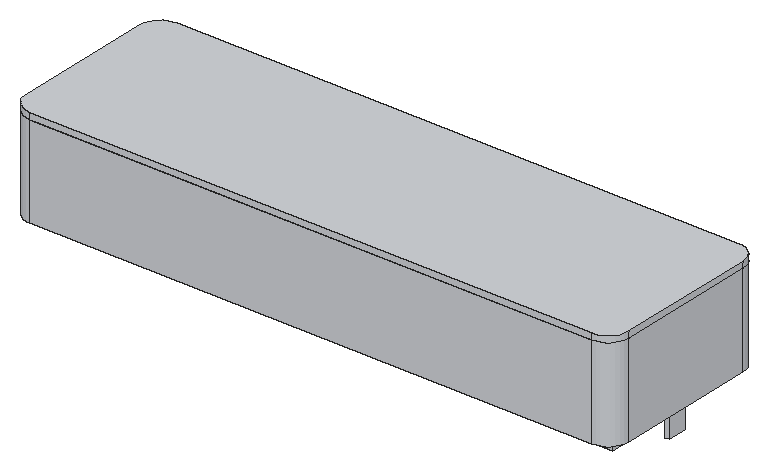
Revit family "Gira_289200", category Electrical Fixtures, host Face, Revit 2017
Family settings
  Host = Face
  Maintain Annotation Orientation = No
  Round Connector Dimension = Use Diameter
  Part Type = Normal
  Cut with Voids When Loaded = No
  Shared = No
  Room Calculation Point = No
Parameters (values of type "FM install.box 2-g Gira E22")
  URL = "http://katalog.gira.de/en/datenblatt.html?artikelnr=289200"
  Name = "FM install.box 2-g Gira E22"
  Manufacturer URL = "https://www.gira.de/"
  Manufacturer = "Gira"
  Keynote = ""
  HeinzeBIM = "https://bimportal.heinze.de/bim/fm-install-box-2-g-gira-e22/d6596e3c6185cdc3336e3c07ae1dfc9d8fb03152"
  HAN = "289200"
  GTIN = "4010337049791"
  Description = "FM inst.box 2g E22,Gira E2, Gira E22 flush-mounted installation box,,2-gang,Features:,- Installation in brickwork by mounting the installation box, e.g. securing it with plaster. Installation of the device box in the flush-mounted installation box like in a common cavity box."
  Default Elevation = 1219.2 mm
  Data sheet (1) = "https://katalog.gira.de/en/download.html?artikelnr=289200"
  Category = "Spare part for domestic switching devices"
  BIM (1) = "https://media.stage.bim.site/public/gira/36a6b08/UP-EB-Dose_4fach.rfa"
  Available = "No"
Reference planes
  plane 1 "Center (Front/Back)": y = 0
  plane 2: z = 0
  plane 3 "Center (Left/Right)": x = 0
Forms (mm)
  Extrusion 1, solid, detail levels fine
    sketch origin (0, 0, 0) x (1, 0, 0) y (0, 1, 0)
      loop
        arc (-142, 46.25) -> (-149.248, 43.248) -> (-152.25, 36) r 10.25
        line (-152.25, 36) -> (-152.25, -36)
        arc (-152.25, -36) -> (-149.248, -43.248) -> (-142, -46.25) r 10.25
        line (-142, -46.25) -> (142, -46.25)
        arc (142, -46.25) -> (149.248, -43.248) -> (152.25, -36) r 10.25
        line (152.25, -36) -> (152.25, 36)
        arc (152.25, 36) -> (149.248, 43.248) -> (142, 46.25) r 10.25
        line (142, 46.25) -> (-142, 46.25)
    from 47 to 50
  Extrusion 2, solid, detail levels fine
    sketch origin (0, 0, 0) x (1, 0, 0) y (0, 1, 0)
      loop
        arc (-142, 46.25) -> (-149.248, 43.248) -> (-152.25, 36) r 10.25
        line (-152.25, 36) -> (-152.25, -36)
        arc (-152.25, -36) -> (-149.248, -43.248) -> (-142, -46.25) r 10.25
        line (-142, -46.25) -> (142, -46.25)
        arc (142, -46.25) -> (149.248, -43.248) -> (152.25, -36) r 10.25
        line (152.25, -36) -> (152.25, 36)
        arc (152.25, 36) -> (149.248, 43.248) -> (142, 46.25) r 10.25
        line (142, 46.25) -> (-142, 46.25)
      loop
        arc (-150.75, -36) -> (-149.959, -39.636) -> (-147.727, -42.615) r 8.75
        line (-147.727, -42.615) -> (147.727, -42.615)
        arc (147.727, -42.615) -> (149.959, -39.636) -> (150.75, -36) r 8.75
        line (150.75, -36) -> (150.75, 36)
        arc (150.75, 36) -> (149.959, 39.636) -> (147.727, 42.615) r 8.75
        line (147.727, 42.615) -> (-147.727, 42.615)
        arc (-147.727, 42.615) -> (-149.959, 39.636) -> (-150.75, 36) r 8.75
        line (-150.75, 36) -> (-150.75, -36)
    from 0 to 47
  Extrusion 3, solid, detail levels fine
    sketch origin (0, 0, 0) x (1, 0, 0) y (0, 1, 0)
      loop
        line (-147, -39.766) -> (147, -39.766) -> (147, 39.75) -> (-147, 39.75) -> (-147, -39.766)
      loop
        line (144.5, -37.75) -> (144.5, 37.75) -> (-144.5, 37.75) -> (-144.5, -37.75) -> (144.5, -37.75)
    from -4.1 to 0
  Extrusion 4, solid, detail levels fine
    sketch origin (0, 0, 0) x (1, 0, 0) y (0, 1, 0)
      loop
        line (147, 39.75) -> (-147, 39.75) -> (-147, -39.766) -> (147, -39.766) -> (147, 39.75)
      loop
        arc (147.727, -42.615) -> (149.959, -39.636) -> (150.75, -36) r 8.75
        line (150.75, -36) -> (150.75, 36)
        arc (150.75, 36) -> (149.959, 39.636) -> (147.727, 42.615) r 8.75
        line (147.727, 42.615) -> (-147.727, 42.615)
        arc (-147.727, 42.615) -> (-149.959, 39.636) -> (-150.75, 36) r 8.75
        line (-150.75, 36) -> (-150.75, -36)
        arc (-150.75, -36) -> (-149.959, -39.636) -> (-147.727, -42.615) r 8.75
        line (-147.727, -42.615) -> (147.727, -42.615)
    from 0 to 2
  Extrusion 5, solid, detail levels medium+fine
    sketch origin (0, 0, 0) x (1, 0, 0) y (0, 1, 0)
      loop
        line (145.5, -4.939) -> (148, -4.939) -> (148, 4.939) -> (145.5, 4.939) -> (145.5, -4.939)
      loop
        line (-145.5, -4.939) -> (-145.5, 4.939) -> (-148, 4.939) -> (-148, -4.939) -> (-145.5, -4.939)
    from -14.039 to 0
  Extrusion 6, solid, detail levels medium
    sketch origin (0, 0, 0) x (1, 0, 0) y (0, 1, 0)
      loop
        line (-152.25, 46.25) -> (-152.25, -46.25) -> (152.25, -46.25) -> (152.25, 46.25) -> (-152.25, 46.25)
    from 0 to 50
  Extrusion 7, solid, detail levels medium
    sketch origin (0, 0, 0) x (1, 0, 0) y (0, 1, 0)
      loop
        line (-147, -39.766) -> (147, -39.766) -> (147, 39.75) -> (-147, 39.75) -> (-147, -39.766)
    from -4.1 to 0
  Extrusion 8, solid, detail levels coarse
    sketch origin (0, 0, 0) x (1, 0, 0) y (0, 1, 0)
      loop
        line (-152.25, 46.25) -> (-152.25, -46.25) -> (152.25, -46.25) -> (152.25, 46.25) -> (-152.25, 46.25)
    from -14.039 to 50
Dimensions and locks
  aligned and locked: plane 2 to host face
  aligned and locked: level to host face
